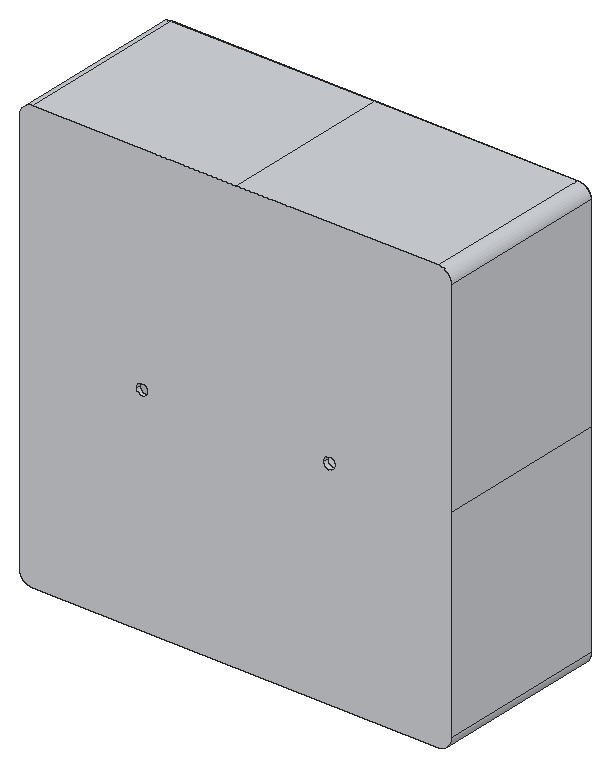
Revit family "AX8620_0010", category Appareils sanitaires, Revit 2016
Family settings
  Hôte = Mur
  Type d'élément = Normal
  Cote de connecteur circulaire = Utiliser le diamètre
  Numéro OmniClass = 23.75.00.00
  Titre OmniClass = Climate Control (HVAC)
  Toujours verticalement = Oui
  Couper avec des vides une fois chargée = Non
  Partagée = Non
  Point de calcul de pièce = Non
Parameters (values of type "Type 1")
  URL = "https://www.axeuro.com/en/distributeurs-pour-petits-rouleaux/22562-toilet-tissue-dispenser-ax8620-3700926004713.html"
  Type de produit / Type of product = "Distributeur de papier toilette / Toilet tissue dispenser"  # constant formula
  Référence / Reference = "AX8620, AX8620P"  # constant formula
  Model = ""
  Manufacturer = ""
  Entreprise / Company = "Axeuro"  # constant formula
  Description = ""
Reference planes
  plane 1 "Mur": y = 0
  plane 2 "Centre (gauche/droite)": x = 0
  plane 3 "Arrière": y = 75
Forms (mm)
  Blend 1, solid
    base sketch origin (0, 81.406, 0) x (1, 0, 0) y (0, 0, 1)
      loop
        line (75.163, 932.674) -> (0, 932.674) -> (-75.163, 932.674)
        arc (-75.163, 932.674) -> (-78.583, 931.257) -> (-80, 927.837) r 4.837
        line (-80, 927.837) -> (-80, 852.674) -> (-80, 777.511)
        arc (-80, 777.511) -> (-78.583, 774.091) -> (-75.163, 772.674) r 4.837
        line (-75.163, 772.674) -> (0, 772.674) -> (75.163, 772.674)
        arc (75.163, 772.674) -> (78.583, 774.091) -> (80, 777.511) r 4.837
        line (80, 777.511) -> (80, 852.674) -> (80, 927.837)
        arc (80, 927.837) -> (78.583, 931.257) -> (75.163, 932.674) r 4.837
    top sketch origin (0, 75, 0) x (1, 0, 0) y (0, 0, 1)
      loop
        line (0, 926.674) -> (-69.8, 926.674)
        arc (-69.8, 926.674) -> (-72.416, 925.59) -> (-73.5, 922.974) r 3.7
        line (-73.5, 922.974) -> (-73.5, 852.674) -> (-73.5, 782.374)
        arc (-73.5, 782.374) -> (-72.416, 779.758) -> (-69.8, 778.674) r 3.7
        line (-69.8, 778.674) -> (0, 778.674) -> (69.8, 778.674)
        arc (69.8, 778.674) -> (72.416, 779.758) -> (73.5, 782.374) r 3.7
        line (73.5, 782.374) -> (73.5, 852.674) -> (73.5, 922.974)
        arc (73.5, 922.974) -> (72.416, 925.59) -> (69.8, 926.674) r 3.7
        line (69.8, 926.674) -> (0, 926.674)
    from -57.7 to -60
  Extrusion 2, solid
    sketch origin (0, 79.406, 0) x (1, 0, 0) y (0, 0, 1)
      loop
        line (75.163, 932.674) -> (0, 932.674) -> (-75.163, 932.674)
        arc (-75.163, 932.674) -> (-78.583, 931.257) -> (-80, 927.837) r 4.837
        line (-80, 927.837) -> (-80, 852.674) -> (-80, 777.511)
        arc (-80, 777.511) -> (-78.583, 774.091) -> (-75.163, 772.674) r 4.837
        line (-75.163, 772.674) -> (0, 772.674) -> (75.163, 772.674)
        arc (75.163, 772.674) -> (78.583, 774.091) -> (80, 777.511) r 4.837
        line (80, 777.511) -> (80, 852.674) -> (80, 927.837)
        arc (80, 927.837) -> (78.583, 931.257) -> (75.163, 932.674) r 4.837
    from -59.7 to 4.406
  Extrusion 3, void
    sketch origin (0, 81.406, 0) x (1, 0, 0) y (0, 0, 1)
      loop
        arc (63.65, 911.893) -> (62.484, 914.708) -> (59.669, 915.874) r 3.981
        line (59.669, 915.874) -> (0, 915.874) -> (-59.669, 915.874)
        arc (-59.669, 915.874) -> (-62.484, 914.708) -> (-63.65, 911.893) r 3.981
        line (-63.65, 911.893) -> (-63.65, 852.674) -> (-63.65, 793.555)
        arc (-63.65, 793.555) -> (-62.484, 790.74) -> (-59.669, 789.574) r 3.981
        line (-59.669, 789.574) -> (0, 789.574) -> (59.669, 789.574)
        arc (59.669, 789.574) -> (62.484, 790.74) -> (63.65, 793.555) r 3.981
        line (63.65, 793.555) -> (63.65, 852.674) -> (63.65, 911.893)
    from -57.7 to 4.812
  Extrusion 4, solid
    sketch origin (0, 3.106, 0) x (0, 1, 0) y (0, 0, 1)
      loop
        line (135, 915.874) -> (135, 859.824)
        arc (135, 859.824) -> (132.318, 828.662) -> (124.352, 798.417) r 182.392
        line (124.352, 798.417) -> (125.292, 798.075)
        arc (125.292, 798.075) -> (133.303, 828.489) -> (136, 859.824) r 183.392
        line (136, 859.824) -> (136, 915.874) -> (135, 915.874)
    from -63.65 to 63.65
  Extrusion 5, void
    sketch origin (-34.75, 0, 0) x (1, 0, 0) y (0, 0, 1)
      loop
        circle (0, 852.674) r 2.159
    from -76.594 to -75
  Extrusion 6, void
    sketch origin (34.75, 2, 0) x (-1, 0, 0) y (0, 0, -1)
      loop
        circle (0, -852.674) r 2.159
    from -74.594 to -73
  Extrusion 7, void
    sketch origin (0, 81.406, 0) x (1, 0, 0) y (0, 0, 1)
      loop
        line (63.65, 891.746) -> (66.697, 891.746) -> (66.697, 918.373) -> (-68.303, 918.373) -> (-68.303, 891.746) -> (-63.65, 891.746) -> (-63.65, 911.893)
        arc (-63.65, 911.893) -> (-62.484, 914.708) -> (-59.669, 915.874) r 3.981
        line (-59.669, 915.874) -> (59.669, 915.874)
        arc (59.669, 915.874) -> (62.484, 914.708) -> (63.65, 911.893) r 3.981
        line (63.65, 911.893) -> (63.65, 891.746)
    from -60 to 0
Cuts and joins
  Extrusion 3, Extrusion 5, Extrusion 6 cuts Extrusion 2
  Extrusion 3 cuts Blend 1
  Extrusion 6, Extrusion 7 cuts Extrusion 4
Text (mm)
  text "Côté de la mise en place" at (-1820.995, 1116.779, 0), in view "Niveau de réf."
  text "Côté de la mise en place" at (0, 1334.055, 2976.191), in view "Gauche"
  text "Côté de la mise en place" at (0, 439.194, 2944.362), in view "Droite"
Dimensions and locks
  locked: plane 3 "Arrière" to host wall
  aligned and locked: plane 1 "Mur" to host wall
